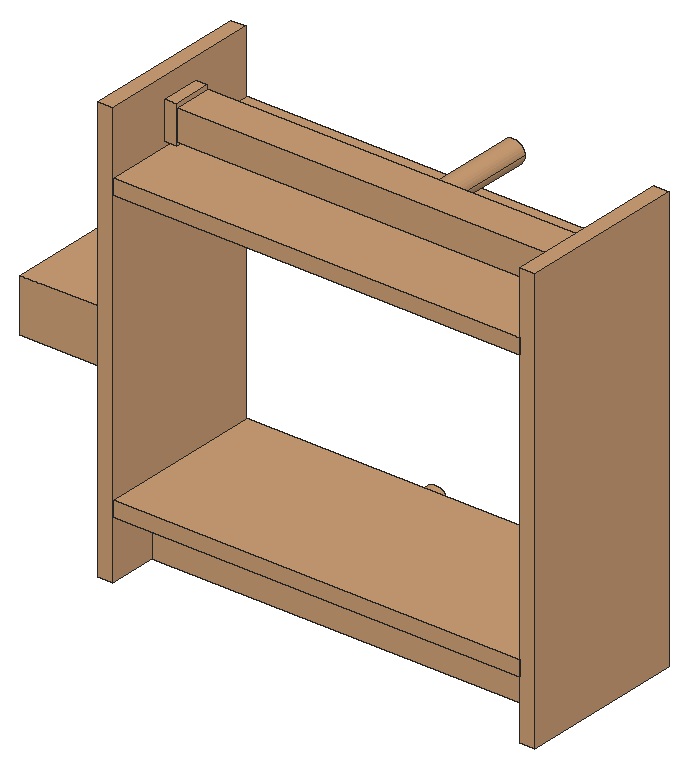
Revit family
Parameters
  Center Of Unit = 0' - 0"  # constant formula
  Water Pressure Drop [instance] = 0.00 psi
  Water Flow [instance] = 0 GPM
  Unit Weight (lbs) = 463
  URL = "http://www.ljwing.com/"
  Water Outlet Radius = 0' - 1 1/2"
  Water Outlet Odd sizes = 0' - 5 23/64"
  Total Heating Capacity [instance] = 0.0 Btu/h
  Temperature Rise [instance] = 0 °F
  Series = "VIFB"
  Outlet Area = 13.40 SF
  Number of Rows = 1  # constant formula
  Number of Coils [instance] = 0
  Nominal Length = 4' - 9 5/8"
  Model = "VB-5"
  Manufacturer = "LJ Wing"
  Leaving Water Temperature [instance] = 0 °F
  Leaving Air Temperature [instance] = 0 °F
  Face Velocity (FPM) [instance] = 0
  Entering Water Temperature [instance] = 0 °F
  Entering Air Temperature [instance] = 0 °F
  Description = "Vertical Integral Face & Bypass Water Heating Coils"
  Hot Water Odd Sizes = 0' - 5 23/64"
  Hot Water Inlet Offset = 0' - 4 3/8"  # constant formula
  Hot Water Inlet  Radius = 0' - 1 1/2"
  Coil Face Area = Outlet Area * 0.56  # 7.504 SF
  Casing Material = ""
  Assembly Code = "D3020300"
  Air Pressure Drop [instance] = 0.00 in-wg
  Air Inlet Width = Nominal Length - 0' 4"  # 4' - 5 5/8"
  Air Inlet Height = Y  # 3' - 0"
  Air Flow [instance] = 0 CFM
  Z = 0' - 3 3/4"
  Y = 3' - 0"
  S = 0' - 9 3/4"
  Product URL = "http://www.ljwing.com/html/vifb.asp"
  OmniClass = "23-75 70 21 14"
  Nominal Height = 4' - 8"
  Nominal Depth = 1' - 10"
  R = 0' - 10 1/4"
  Q = 0' - 4 13/16"
  P = 0' - 5 1/8"
  L = 0' - 5 15/16"
Reference planes (in)
  plane 1 "Center (Front/Back)": y = 0
  plane 2: z = -18
  plane 3 "Center (Left/Right)": x = 0
  plane 4: z = 28.25
  plane 5: x = -28.8125
  plane 6: x = 28.8125
  plane 7: z = -27.75
  plane 8: z = 0
  plane 9: y = -11
  plane 10: y = 11
  plane 11: z = 18
  plane 12: z = 20
  plane 13: z = -20
  plane 14: x = 26.8125
  plane 15: x = -26.8125
  plane 16: z = 23.125
  plane 17: z = -21.8125
  plane 18: x = -24
  plane 19: x = 24
  plane 20: y = 14.75
  plane 21: y = 15.375
  plane 22: x = -39.8125
  plane 23: x = 5.35938
  plane 24: x = -5.35937
  plane 25: z = 25.125
  plane 26: z = 21.125
  plane 27: y = -2.5
  plane 28: y = 2.5
  plane 29: y = -4.5
Forms (in)
  Extrusion 1, solid, material "Painted Finish"
    sketch origin (0, 6, -9.75) x (1, 0, 0) y (0, 0, 1)
      loop
        line (-28.8125, -18) -> (-26.8125, -18) -> (-26.8125, 38) -> (-28.8125, 38) -> (-28.8125, -18)
      loop
        line (28.8125, -18) -> (28.8125, 38) -> (26.8125, 38) -> (26.8125, -18) -> (28.8125, -18)
    from -5 to 17
  Extrusion 2, solid, material "Painted Finish"
    sketch origin (0, 6, 0) x (1, 0, 0) y (0, 0, 1)
      loop
        line (26.8125, -18) -> (-26.8125, -18) -> (-26.8125, -20) -> (26.8125, -20) -> (26.8125, -18)
      loop
        line (26.8125, 18) -> (26.8125, 20) -> (-26.8125, 20) -> (-26.8125, 18) -> (26.8125, 18)
    from -5 to 17
  Extrusion 3, solid, material "Painted Finish"
    sketch origin (0, 10, -0.5) x (1, 0, 0) y (0, 0, 1)
      loop
        line (-28.8125, 4) -> (-39.8125, 4) -> (-39.8125, -3) -> (-28.8125, -3) -> (-28.8125, 4)
    from 0 to 20
  Extrusion 4, solid, material "Painted Finish"
    sketch origin (0, 6, 0) x (1, 0, 0) y (0, 0, 1)
      loop
        line (-25.1875, 25.125) -> (-25.1875, 21.125) -> (25.1875, 21.125) -> (25.1875, 25.125) -> (-25.1875, 25.125)
    from 3.5 to 8.5
  Extrusion 5, solid, material "Painted Finish"
    sketch origin (0, 0, 0) x (1, 0, 0) y (0, 0, 1)
      loop
        line (-25.1875, 20.625) -> (-25.1875, 25.625) -> (-26.8125, 25.625) -> (-26.8125, 20.625) -> (-25.1875, 20.625)
      loop
        line (26.8125, 20.625) -> (26.8125, 25.625) -> (25.1875, 25.625) -> (25.1875, 20.625) -> (26.8125, 20.625)
    from -2.5 to 2.5
  Extrusion 6, solid, material "Painted Finish"
    sketch origin (0, 23, 0) x (1, 0, 0) y (0, 0, 1)
      loop
        circle (5.35938, 23.125) r 1.5
    from 8.25 to 20.5
  Extrusion 7, solid, material "Painted Finish"
    sketch origin (0, 6, 0) x (1, 0, 0) y (0, 0, 1)
      loop
        line (-26.8125, -20) -> (-26.8125, -27.75) -> (26.8125, -27.75) -> (26.8125, -20) -> (-26.8125, -20)
    from -5 to 10.5
  Extrusion 8, solid, material "Painted Finish"
    sketch origin (0, 23, 0) x (1, 0, 0) y (0, 0, 1)
      loop
        circle (-5.35937, -21.8125) r 1.5
    from 7.625 to 12
  Extrusion 9, void
    sketch origin (0, 0, 0) x (1, 0, 0) y (0, 0, 1)
      loop
        line (-26.8125, 18) -> (-26.8125, -18) -> (26.8125, -18) -> (26.8125, 18) -> (-26.8125, 18)
    from -11 to 11
Cuts and joins
  Extrusion 9 cuts Extrusion 1
  Extrusion 9 cuts Extrusion 2
Dimensions and locks (in)
  "Nominal Length": plane 6 to plane 5
  equal spacing: plane 6, plane 3 "Center (Left/Right)", plane 5
  "S": plane 2 to plane 7
  "Nominal Depth": plane 10 to plane 9
  equal spacing: plane 10, plane 1 "Center (Front/Back)", plane 9
  "Y": plane 11 to plane 2
  "R": plane 4 to plane 11
  locked: plane 12 to plane 11 at 2
  locked: plane 2 to plane 13 at 2
  "P": plane 4 to plane 16
  "L": plane 17 to plane 7
  "Q": plane 18 to plane 5
  "Q": plane 6 to plane 19
  "Z": plane 20 to plane 10
  "Hot Water Inlet Offset": plane 21 to plane 10
  locked: plane 5 to plane 22 at 11
  locked: Extrusion 3 sketch curve to Extrusion 3 sketch curve at 7
  locked: Extrusion 3 to Extrusion 3 at 20
  locked: plane 6 to plane 14 at 2
  locked: plane 15 to plane 5 at 2
  "Water Outlet Odd sizes": plane 23 to plane 3 "Center (Left/Right)"
  "Hot Water Odd Sizes": plane 3 "Center (Left/Right)" to plane 24
  equal spacing: plane 25, plane 16, plane 26
  locked: Extrusion 5 sketch curve to plane 25 at 0.5
  locked: plane 26 to Extrusion 5 sketch curve at 0.5
  locked: Extrusion 6 sketch curve to plane 16 at 0
  locked: Extrusion 6 sketch curve to plane 23 at 0
  locked: Extrusion 8 sketch curve to plane 17 at 0
  locked: Extrusion 8 sketch curve to plane 24 at 0
  locked: plane 25 to plane 26 at 4
  locked: plane 28 to plane 27 at 5
  equal spacing: plane 28, plane 1 "Center (Front/Back)", plane 27
  locked: plane 27 to plane 29 at 2
  plane 4 to plane 7 = 4' - 8"
  locked: Extrusion 5 sketch curve to Extrusion 1 at 1.625
  locked: Extrusion 5 sketch curve to Extrusion 5 sketch curve at 1.625
  locked: Extrusion 9 sketch curve to plane 11 at 0
  locked: Extrusion 9 sketch curve to plane 15 at 0
  locked: Extrusion 9 sketch curve to plane 14 at 0
  locked: Extrusion 9 sketch curve to plane 2 at 0
  equal spacing: plane 11, plane 8, plane 2
  "Water Outlet Radius": radius of Extrusion 6 sketch curve
  "Hot Water Inlet  Radius": radius of Extrusion 8 sketch curve
  aligned and locked: Extrusion 1 to plane 9
  aligned and locked: Extrusion 1 to plane 10
  aligned and locked: plane 15 to Extrusion 1
  aligned and locked: Extrusion 1 to plane 14
  aligned and locked: plane 9 to Extrusion 2
  aligned and locked: plane 9 to Extrusion 1
  aligned and locked: plane 10 to Extrusion 1  (x2)
  aligned and locked: Extrusion 2 to plane 10
  aligned and locked: plane 10 to Extrusion 2  (x2)
  aligned and locked: Extrusion 2 to plane 9  (x2)
  aligned and locked: plane 5 to Extrusion 3
  aligned and locked: Extrusion 5 sketch curve to plane 15
  aligned and locked: Extrusion 5 sketch curve to Extrusion 4
  aligned and locked: Extrusion 6 to plane 20
  aligned and locked: Extrusion 1 to Extrusion 7
  aligned and locked: plane 10 to Extrusion 8
  aligned and locked: Extrusion 8 to plane 21  (x2)
  aligned and locked: plane 27 to Extrusion 5
  aligned and locked: Extrusion 5 to Extrusion 4  (x2)
  aligned and locked: Extrusion 5 to plane 28
  aligned and locked: Extrusion 6 to Extrusion 4
  aligned and locked: Extrusion 7 to plane 29  (x2)
  aligned and locked: Extrusion 8 to Extrusion 7
  aligned and locked: Extrusion 4 to Extrusion 5  (x2)
  aligned and locked: Extrusion 5 to Extrusion 1  (x2)
  aligned and locked: plane 2 to Extrusion 2
  aligned and locked: plane 6 to Extrusion 1 sketch curve
  aligned and locked: plane 14 to Extrusion 1 sketch curve
  aligned and locked: Extrusion 1 sketch curve to plane 15
  aligned and locked: Extrusion 1 sketch curve to plane 5
  aligned and locked: plane 7 to Extrusion 1 sketch curve  (x2)
  aligned and locked: Extrusion 1 sketch curve to plane 4  (x2)
  aligned and locked: Extrusion 2 sketch curve to plane 11
  aligned and locked: Extrusion 2 sketch curve to plane 12
  aligned and locked: Extrusion 2 sketch curve to plane 14  (x2)
  aligned and locked: Extrusion 2 sketch curve to plane 15  (x2)
  aligned and locked: Extrusion 2 sketch curve to plane 13
  aligned and locked: plane 2 to Extrusion 2 sketch curve
  aligned and locked: plane 13 to Extrusion 7 sketch curve
  aligned and locked: Extrusion 7 sketch curve to plane 7
  aligned and locked: Extrusion 7 sketch curve to plane 14
  aligned and locked: plane 15 to Extrusion 7 sketch curve
  aligned and locked: cut or joined group of Extrusion 1, Extrusion 9 to plane 10
Automatic sketch dimensions
  Extrusion 3 sketch curve to plane 22 = 0' - 0"
  Extrusion 3 sketch curve to plane 5 = 0' - 0"
  plane 8 to Extrusion 3 sketch curve = 0' - 3 1/2"
  Extrusion 4 sketch curve to plane 25 = 0' - 0"
  Extrusion 4 sketch curve to plane 26 = 0' - 0"
  Extrusion 4 sketch curve to plane 18 = 0' - 1 3/16"
  plane 19 to Extrusion 4 sketch curve = 0' - 1 3/16"
  plane 26 to Extrusion 5 sketch curve = 0' - 0 1/2"
  Extrusion 5 sketch curve to plane 25 = 0' - 0 1/2"
Connectors (in)
  hvac at (0, -11, 0), driven by "Air Inlet Height", driven by "Air Inlet Width", driven by "Air Flow", driven by "Air Pressure Drop"
    settings: on Extrusion 9, index 1
  hvac at (0, 11, 0), driven by "Air Pressure Drop", driven by "Air Inlet Height", driven by "Air Inlet Width", driven by "Air Flow"
    settings: on Extrusion 9, index 2
  piping at (5.35938, 14.75, 23.125), driven by "Water Flow", driven by "Water Outlet Radius", driven by "Water Pressure Drop"
    settings: on Extrusion 6, index 3
  piping at (-5.35937, 15.375, -21.8125), driven by "Water Flow", driven by "Water Pressure Drop", driven by "Hot Water Inlet  Radius"
    settings: on Extrusion 8, index 4
